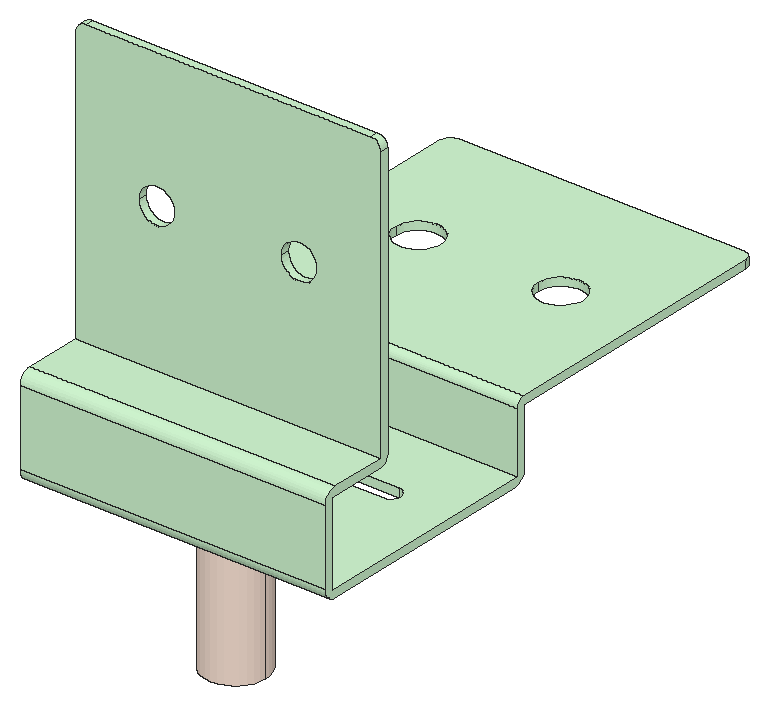
Revit family "パーテーション金具eY4815用 Ⅲ", category 機械設備, Revit 2020
Family settings
  丸型コネクタ寸法 = 直径を使用
  種別 = なし
  パーツ タイプ = 標準
  作業面ベース = いいえ
  常に垂直 = はい
  ロード時にボイドで切り取り = いいえ
  共有 = いいえ
  部屋計算ポイント = いいえ
Parameters
  製造元 = "株式会社桐井製作所"
  既定の高さ = 0 mm
  URL = "https://www.kirii.co.jp/"
  K_材質 = "溶融亜鉛めっき鋼板及び鋼帯 SGCC 一般用"
  K_品名 = "パーテーション金具eY4815用 Ⅲ"
  K_名称 = "パーテーション金具"
  K_入数 = "500"
  K_バージョン情報 = "20220411"
  K_めっき付着量 = "Z12"
  K_JIS規格 = "JIS G 3302"
Reference planes
  plane 1 "中心(正面/背面)": y = 0
  plane 2: z = 0
  plane 3 "中心(左/右)": x = 0
Forms (mm)
  Extrusion 1, solid
    sketch origin (0, 0, 0) x (0, 1, 0) y (0, 0, 1)
      loop
        line (0.1, 37.6) -> (-0.7, 37.6) -> (-0.7, 9.6) -> (-6.3, 9.6)
        arc (-6.3, 9.6) -> (-7.149, 9.249) -> (-7.5, 8.4) r 1.2
        line (-7.5, 8.4) -> (-7.5, 1)
        arc (-7.5, 1) -> (-7.149, 0.151) -> (-6.3, -0.2) r 1.2
        line (-6.3, -0.2) -> (15.7, -0.2)
        arc (15.7, -0.2) -> (16.549, 0.151) -> (16.9, 1) r 1.2
        line (16.9, 1) -> (16.9, 6.6) -> (45.1, 6.6) -> (45.1, 7.4) -> (16.9, 7.4)
        arc (16.9, 7.4) -> (16.334, 7.166) -> (16.1, 6.6) r 0.8
        line (16.1, 6.6) -> (16.1, 0.6) -> (-6.7, 0.6) -> (-6.7, 8.8) -> (-0.7, 8.8)
        arc (-0.7, 8.8) -> (-0.134, 9.034) -> (0.1, 9.6) r 0.8
        line (0.1, 9.6) -> (0.1, 37.6)
    from -15 to 15
  Extrusion 2, void
    sketch origin (0, 0, 0) x (1, 0, 0) y (0, 1, 0)
      loop
        arc (2.934, 9) -> (0, 11.1) -> (-2.934, 9) r 3.1
        line (-2.934, 9) -> (-9, 9)
        arc (-9, 9) -> (-10, 8) -> (-9, 7) r 1
        line (-9, 7) -> (-3.1, 7) -> (-3.1, 0.2)
        arc (-3.1, 0.2) -> (0, -2.9) -> (3.1, 0.2) r 3.1
        line (3.1, 0.2) -> (3.1, 7) -> (9, 7)
        arc (9, 7) -> (10, 8) -> (9, 9) r 1
        line (9, 9) -> (2.934, 9)
    from -0.2 to 0.6
  Extrusion 3, solid
    sketch origin (0, 0.202, 11.5) x (1, 0, 0) y (0, 1, 0)
      loop
        circle (-0.008, -0.024) r 5.9
    from -10.9 to -7.9
  Extrusion 4, solid
    sketch origin (0, 1.515, 11.5) x (1, 0, 0) y (0, 1, 0)
      loop
        circle (-0.008, -1.315) r 3
    from -25.9 to -10.9
  Revolve 5, solid
    sketch origin (0, -142.232, 40.83) x (0, 1, 0) y (0, 0, 1)
      loop
        line (142.434, -35.597) -> (142.434, -37.23) -> (145.434, -37.23)
        arc (145.434, -37.23) -> (144.828, -36.282) -> (143.934, -35.597) r 3.25
        line (143.934, -35.597) -> (142.434, -35.597)
      axis (142.434, -35.597) -> (142.434, -37.23)
    angle from 0 to 360
  Extrusion 6, void
    sketch origin (0, 0, 0) x (1, 0, 0) y (0, 0, 1)
      loop
        circle (-6.993, 24.1) r 1.743
      loop
        circle (7, 24.1) r 1.75
    from -0.1 to 0.7
  Extrusion 7, void
    sketch origin (0, 0, 0) x (1, 0, 0) y (0, 1, 0)
      loop
        line (-14, 45.1) -> (-15, 45.1) -> (-15, 44.1)
        arc (-15, 44.1) -> (-14.707, 44.807) -> (-14, 45.1) r 1
    from 6.6 to 7.4
  Extrusion 8, void
    sketch origin (0, 0, 0) x (-1, 0, 0) y (0, -1, 0)
      loop
        arc (-14, -45.1) -> (-14.707, -44.807) -> (-15, -44.1) r 1
        line (-15, -44.1) -> (-15, -45.1) -> (-14, -45.1)
    from 6.6 to 7.4
  Extrusion 9, void
    sketch origin (0, 0, 0) x (1, 0, 0) y (0, 1, 0)
      loop
        circle (-7, 31.4) r 2.25
      loop
        circle (7, 31.4) r 2.25
    from 6.6 to 7.4
  Extrusion 10, void
    sketch origin (0, 0, 0) x (1, 0, 0) y (0, 0, 1)
      loop
        line (-14, 37.6) -> (-15, 37.6) -> (-15, 36.6)
        arc (-15, 36.6) -> (-14.707, 37.307) -> (-14, 37.6) r 1
    from -0.1 to 0.7
  Extrusion 11, void
    sketch origin (0, 0, 0) x (-1, 0, 0) y (0, 0, -1)
      loop
        arc (-14, -37.6) -> (-14.707, -37.307) -> (-15, -36.6) r 1
        line (-15, -36.6) -> (-15, -37.6) -> (-14, -37.6)
    from -0.1 to 0.7
Cuts and joins
  Extrusion 2, Extrusion 6, Extrusion 7, Extrusion 8, Extrusion 9, Extrusion 10, Extrusion 11 cuts Extrusion 1
  joined: Extrusion 3, Extrusion 4, Revolve 5
Dimensions and locks
  aligned and locked: level to plane 2
